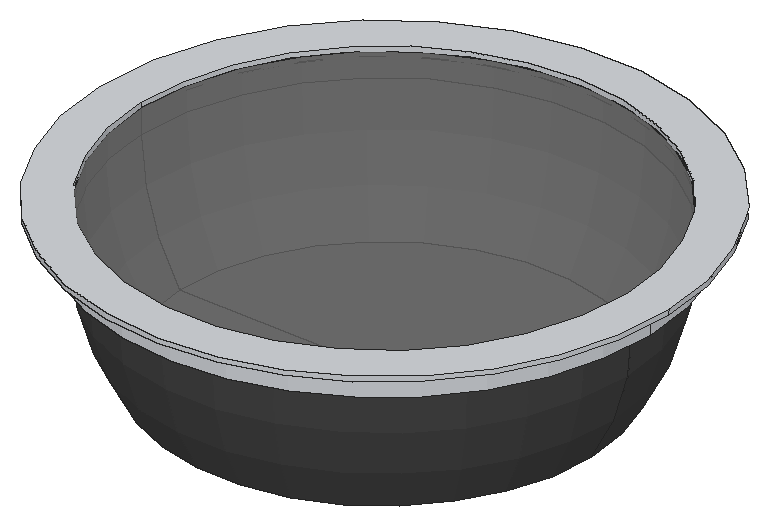
Revit family "3031825 Lighting Fixture_Sylvania_Syl-Lighter II_Ceiling Recessed", category Lighting Fixtures, host Face, Revit 2017
Family settings
  Host = Face
  Round Connector Dimension = Use Diameter
  Part Type = Normal
  OmniClass Number = 23.80.70.11.17
  OmniClass Title = Specialized Lighting by Location or Use
  Cut with Voids When Loaded = No
  Light Source = Yes
  Shared = No
  Room Calculation Point = No
Parameters (values of type "Syl-Lighter LED II 240 RO 25W NW")
  Weight = 0.60 kg
  Wattage = 24.1685 W
  built-in parameter 1150110 = 1 (stored number, unit not read)
  Voltage Comments = "UNV (Universal Voltage; 220-240 Volt)"  # constant formula
  Voltage = 240 V  # constant formula
  URL = "http://www.sylvania-lighting.com"
  built-in parameter 1114217 = 1 (stored number, unit not read)
  Tilt Angle = -90.00°  # constant formula
  built-in parameter 1150109 = 1 (stored number, unit not read)
  built-in parameter 1150134 = 12
  Ta Rating = "-10°C to +40°C"  # constant formula
  built-in parameter 1150113 = 1 (stored number, unit not read)
  Recessed Depth = Height  # 65.0 mm
  IP Rating = "IP44"  # constant formula
  IK Rating = "IK07"  # constant formula
  Energy Class = "A++, A+, A"  # constant formula
  Dimmable = "DALI"  # constant formula
  Catalog Number = "3031825 Syl-Lighter LED II 240 RO 25W NW"
  Body Material = Metal_Sylvania_Syl-Lighter LED II_Silver
  Product Page URL = "http://www.sylvania-lighting.com/product/en-int/products/3031825"
  Product Family = "SYL-LIGHTER LED II"  # constant formula
  Photometry Comments = ""
  Photometric Web File = "3031825_Syl-Lighter240LED25WNW-182098.ies"
  built-in parameter 1150105 = 1336.4 (stored number, unit not read)
  Lumens = 2289 lm
  built-in parameter 1150115 = 1 (stored number, unit not read)
  built-in parameter 1150137 = (empty or 0)
  built-in parameter 1150139 = (empty or 0)
  Life = "50 000h"  # constant formula
  built-in parameter 1150112 = 1 (stored number, unit not read)
  built-in parameter 1150114 = 1 (stored number, unit not read)
  Lamp Comments = "Integrated LED"
  built-in parameter 1150132 = 2
  built-in parameter 1150102 = (empty or 0)
  built-in parameter 1150107 = 4000 (stored number, unit not read)
  built-in parameter 1150138 = (empty or 0)
  built-in parameter 1150106 = 13.364 (stored number, unit not read)
  Glow Wire Test = 650 °C  # constant formula
  Emit from Circle Diameter = Diffuser Diameter  # 205.0 mm
  Emit Shape Visible in Rendering = no
  built-in parameter 1150104 = 8.7988 (stored number, unit not read)
  Drive Current = "450mA"
  Dimming Lamp Color Temperature Shift = <None>
  Diffuser Radius = Diffuser Diameter / 2  # 102.5 mm
  Diffuser Diameter = Diameter - 20.0 mm  # 205.0 mm
  Inner Diameter = Diameter - 4.0 mm  # 221.0 mm
  Cutout Diameter = Diameter  # 225.0 mm
  Color Filter = 16777215
  Beam Angle = 74.00°
  built-in parameter 1114218 = 1 (stored number, unit not read)
  built-in parameter 1150133 = 10 (stored number, unit not read)
  Height = 65.0 mm
  Electrical Protection = "CLASS II"  # constant formula
  built-in parameter 1114216 [instance] = 1 (stored number, unit not read)
  Model = "Syl-Lighter LED II 240 RO 25W NW"
  Manufacturer = "Feilo Sylvania"  # constant formula
  Lamp = "LED"
  Diffuser Material = Polycarbonate_Sylvania_Syl-Lighter LED II_Opal
  Description = "Syl-Lighter LED II is available in 4 different round body sizes: 165mm, 195mm, 220mm & 240mm Syl-Lighter LED II 165 12W delivers a 1,134 lumen output (4,000K) - perfect for 1x26W CFL replacement Syl-Lighter LED II 195 15W delivers a 1,480 lumen output (4,000K) - perfect for 1x32W/2x18W CFL replacement Syl-Lighter LED II 220 21W delivers a 1,989 lumen output (4,000K) - perfect for 1x42W CFL replacement Syl-Lighter LED II 240 25W delivers a 2,289 lumen output (4,000K)- perfect for 2x26W CFL replacement High efficacy up to 99lm/W (Syl-Lighter LED II 195 4,000K) IP44 rating allows for installation in applicable wet zone areas Choice of 3,000K (warm white) or 4,000K (neutral white) Shallow recess depth of <65mm Can replace existing large CFL downlights using a 225mm ceiling cut out (Syl-Lighter LED II 240) Energy efficient electronic gear including analogue 1-10V and DALI dimmable options IK07 polycarbonate diffuser allows for a wider light distribution than a reflector downlight, allowing for increased spacings between luminaires 3 hour emergency pack available (to be ordered in addition to the luminaire) Ideal for applications such as corridors, public WCs and back of house areas Quick and easy to install Loop in-Loop out facility with red push fit terminal block for quick wiring White bezel (RAL 9003) Energy Class: A++, A+, A Long lifetime: 50,000 hours life at L70 (L80: 30,000 hours, L90: 15,000 hours)"  # constant formula
  Default Elevation = 0.0 mm
  built-in parameter 1140040 [instance] = 1
  Assembly Code = "D5020200"
  Apparent Load Comments = ""
  Apparent Load = 25 VA
  Accessory Radius = Accessory Diameter / 2  # 120.0 mm
  Accessory Material = Aluminum_Sylvania_Syl-Lighter LED II_White_RAL 9003
  Diameter = 225.0 mm
  Accessory Diameter = 240.0 mm
Reference planes
  plane 1 "Center (Front/Back)": y = 0
  plane 2: z = 0
  plane 3 "Center (Left/Right)": x = 0
  plane 4 "Fixture Bottom": z = 2
  plane 5: z = -10
  plane 6 "Fixture Top": z = -65
  plane 7: z = -2
Forms (mm)
  Extrusion 1, void
    sketch origin (0, 0, 58) x (-1, 0, 0) y (0, -1, 0)
      loop
        circle (0, 0) r 112.5
    from -171 to -55
  Extrusion 2, solid, detail levels fine
    sketch origin (0, 0, 58) x (-1, 0, 0) y (0, -1, 0)
      loop
        circle (0, 0) r 112.5
      loop
        circle (0, 0) r 110.5
    from -68 to -58
  Extrusion 3, solid, detail levels fine
    sketch origin (0, 0, 58) x (-1, 0, 0) y (0, -1, 0)
      loop
        circle (0, 0) r 120
      loop
        circle (0, 0) r 102.5
    from -58 to -56
  Extrusion 4, solid, material "Polycarbonate_Sylvania_Syl-Lighter LED II_Opal" <- "Diffuser Material", detail levels fine
    sketch origin (0, 0, 58) x (-1, 0, 0) y (0, -1, 0)
      loop
        circle (0, 0) r 102.5
    from -60 to -58
  Revolve 5, solid, material "Metal_Sylvania_Syl-Lighter LED II_Silver" <- "Body Material", detail levels fine
    sketch origin (0, 0, 0) x (1, 0, 0) y (0, 0, 1)
      loop
        line (-102.5, 0) -> (-104.5, 0) -> (-104.5, -10)
        arc (-104.5, -10) -> (-100.153, -38.784) -> (-87.5, -65) r 97.471
        line (-87.5, -65) -> (0, -65) -> (0, -63) -> (-86.437, -63)
        arc (-86.437, -63) -> (-98.396, -37.69) -> (-102.5, -10) r 95.471
        line (-102.5, -10) -> (-102.5, 0)
      axis (0, -65) -> (0, 0)
    angle from 0 to 360
  Revolve 6, solid, material "Aluminum_Sylvania_Syl-Lighter LED II_White_RAL 9003" <- "Accessory Material", detail levels coarse+medium
    sketch origin (0, 0, 0) x (1, 0, 0) y (0, 0, 1)
      loop
        line (-120, 2) -> (-120, 0) -> (-112.5, 0) -> (-112.5, -10) -> (-104.5, -10)
        arc (-104.5, -10) -> (-100.153, -38.784) -> (-87.5, -65) r 97.471
        line (-87.5, -65) -> (0, -65) -> (0, 2) -> (-120, 2)
      axis (0, 2) -> (0, -65)
    angle from 0 to 360
Cuts and joins
  joined: Extrusion 2, Extrusion 3
Lines and regions (mm)
  Masking region 1
    outline origin (0, 0, 58) x (-1, 0, 0) y (0, -1, 0)
      loop
        circle (0, 0) r 120
  symbolic lines, detail levels fine
    curve 1: arc (-102.5, 0, 58) -> (0, 102.5, 58) -> (102.5, 0, 58) r 102.5
    curve 2: arc (102.5, 0, 58) -> (0, -102.5, 58) -> (-102.5, 0, 58) r 102.5
Dimensions and locks
  locked: plane 4 "Fixture Bottom" to plane 2 at 2
  locked: plane 2 to plane 5 at 10
  "Height": plane 2 to plane 6 "Fixture Top"
  locked: plane 2 to plane 7 at 2
  "Diffuser Radius": plane 3 "Center (Left/Right)" to Revolve 5 sketch curve
  locked: Revolve 5 sketch curve to Revolve 5 sketch curve at 2
  locked: Revolve 5 sketch curve to Revolve 5 sketch curve at 15
  "Accessory Radius": plane 3 "Center (Left/Right)" to Revolve 6 sketch curve
  Revolve 6 sketch curve to Revolve 6 sketch curve to Revolve 6 sketch curve to Revolve 6 sketch curve = 7.5 mm locked, 8.0 mm locked, 17.0 mm locked
  "Cutout Diameter": diameter of Extrusion 1 sketch curve
  "Diameter": diameter of Extrusion 2 sketch curve
  "Inner Diameter": diameter of Extrusion 2 sketch curve
  "Accessory Diameter": diameter of Extrusion 3 sketch curve
  "Diffuser Diameter": diameter of Extrusion 3 sketch curve
  "Diffuser Diameter": diameter of Extrusion 4 sketch curve
  "Accessory Diameter": diameter of Masking region 1 sketch curve
  aligned and locked: host face to plane 2
  aligned and locked: host face to level
  aligned and locked: plane 4 "Fixture Bottom" to Extrusion 3
  aligned and locked: Extrusion 3 to plane 2
  aligned and locked: Extrusion 2 to plane 5
  aligned and locked: Extrusion 2 to plane 2
  aligned and locked: Extrusion 4 to plane 7
  aligned and locked: plane 2 to Extrusion 4
  aligned and locked: Revolve 5 sketch curve to plane 2
  aligned and locked: plane 5 to Revolve 5 sketch curve  (x2)
  aligned and locked: Revolve 5 sketch curve to plane 3 "Center (Left/Right)"
  aligned and locked: plane 3 "Center (Left/Right)" to Revolve 5 sketch curve
  aligned and locked: Revolve 6 sketch curve to plane 5
  aligned and locked: Revolve 6 sketch curve to plane 2
  aligned and locked: Revolve 6 sketch curve to plane 4 "Fixture Bottom"
  aligned and locked: plane 3 "Center (Left/Right)" to Revolve 6 sketch curve
  aligned and locked: Revolve 6 sketch curve to plane 3 "Center (Left/Right)"
  aligned and locked: plane 3 "Center (Left/Right)" to imposter light
  aligned and locked: imposter light to plane 1 "Center (Front/Back)"
  aligned and locked: imposter light to plane 4 "Fixture Bottom"
  aligned and locked: curve 1 to cut or joined group of Extrusion 2, Extrusion 3
Automatic sketch dimensions
  host sketch curve to host sketch curve = 700.0 mm
  host sketch curve to host sketch curve = 620.0 mm
  plane 1 "Center (Front/Back)" to Extrusion 1 sketch curve = 0.0 mm
  Extrusion 1 sketch curve to plane 3 "Center (Left/Right)" = 0.0 mm
  Extrusion 2 sketch curve to Extrusion 2 sketch curve = 0.0 mm  (x2)
  plane 1 "Center (Front/Back)" to Extrusion 2 sketch curve = 0.0 mm
  Extrusion 2 sketch curve to plane 3 "Center (Left/Right)" = 0.0 mm
  Extrusion 3 sketch curve to Extrusion 3 sketch curve = 0.0 mm  (x2)
  plane 1 "Center (Front/Back)" to Extrusion 3 sketch curve = 0.0 mm
  Extrusion 3 sketch curve to plane 3 "Center (Left/Right)" = 0.0 mm
  plane 1 "Center (Front/Back)" to Extrusion 4 sketch curve = 0.0 mm
  Extrusion 4 sketch curve to plane 3 "Center (Left/Right)" = 0.0 mm
  Revolve 5 sketch curve to Revolve 5 sketch curve = 0.0 mm
  Revolve 5 sketch curve to plane 6 "Fixture Top" = 0.0 mm
  plane 6 "Fixture Top" to Revolve 5 sketch curve = 2.0 mm
  Revolve 5 sketch curve to plane 6 "Fixture Top" = 17.111 mm
  plane 4 "Fixture Bottom" to Revolve 5 sketch curve = 20.889 mm
  Revolve 6 sketch curve to plane 6 "Fixture Top" = 0.0 mm
  Revolve 6 sketch curve to Revolve 6 sketch curve = 63.885 mm
  Revolve 6 sketch curve to Revolve 6 sketch curve = 84.115 mm
  plane 1 "Center (Front/Back)" to Masking region 1 sketch curve = 0.0 mm
  Masking region 1 sketch curve to plane 3 "Center (Left/Right)" = 0.0 mm
Connectors
  electrical at (0, 0, -65), driven by "Apparent Load", driven by "Voltage"
    settings: on Revolve 5, index 1, voltage 240 V, apparent load 0 VA, apparent load phase1 25 VA, apparent load phase2 0 VA, apparent load phase3 0 VA, power factor 1, load classification "Lighting", number of poles 1, system type 31, power factor state 1, is connector primary yes, connector utility no, sub classification motor no, connector description ""
